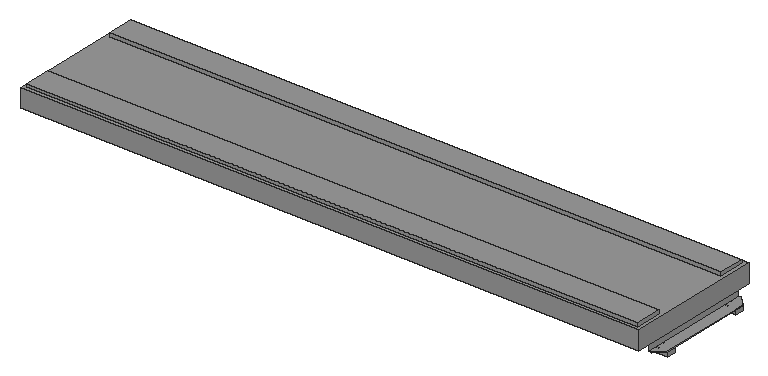
Revit family "44061", category Lighting Fixtures, host Face, Revit 2018
Family settings
  Host = Face
  Round Connector Dimension = Use Diameter
  Part Type = Normal
  OmniClass Number = 23.80.70.00
  OmniClass Title = Lighting
  Cut with Voids When Loaded = No
  Light Source = Yes
  Shared = No
  Room Calculation Point = No
Parameters (values of type "0044061 SPORTSBAY DALI 18KLM 840")
  box length = 1160 mm
  Width = 320 mm
  Weight = "n/a"
  Wattage Comments = ""
  Wattage = 9.2903 W
  WarrantyStartDate [instance] = "n/a"
  WarrantyGuarantorParts = "n/a"
  WarrantyDurationUnit = "n/a"
  WarrantyDurationParts = ""
  WarrantyDescription = "http://www.sylvania-lighting.com"
  built-in parameter 1150110 = 1 (stored number, unit not read)
  Voltage = 0 V
  URL = "0.99"
  TypeName = "Sportsbay Dali 18klm 840"
  Type Image = <None>
  Type Comments = "n/a"
  built-in parameter 1114217 = 1 (stored number, unit not read)
  Tilt Angle = -90.00°
  built-in parameter 1150109 = 1 (stored number, unit not read)
  built-in parameter 1150134 = 3
  built-in parameter 1150113 = 1 (stored number, unit not read)
  SerialNumber [instance] = "n/a"
  Photometric Web File = "0044061.IES"
  Material_3_SYL = none
  PowerFactor = 0
  PowerConsumption = "Lighting"
  NominalLength = 320 mm
  NominalHeight = 76 mm
  NominalDepth = 320 mm
  Name = "Sportsbay Dali 18klm 840"
  ModelReference = Name  # "Sportsbay Dali 18klm 840"
  ModelNumber = "0044061"
  Model = Name  # "Sportsbay Dali 18klm 840"
  Material = "Feilo Sylvania"
  ManufacturerName = "156 lm/W"
  Manufacturer = ""
  LuminousEfficacy = ""
  built-in parameter 1150105 = 109.82 (stored number, unit not read)
  Lumens = 1380 lm
  LuminaireType = "0"
  built-in parameter 1150115 = 1 (stored number, unit not read)
  LightOutputRatio = "LED"
  built-in parameter 1150137 = (empty or 0)
  built-in parameter 1150139 = (empty or 0)
  Length = 1500 mm
  LampsType = Lamp  # "n/a"
  LampNominalLuminous = "4000 K"
  LampMacAdamStep = "80"
  LampColourTemperature = "LED"
  LampColourRenderingIndex = "16500"
  built-in parameter 1150112 = 1 (stored number, unit not read)
  built-in parameter 1150114 = 1 (stored number, unit not read)
  Lamp = "n/a"
  Keynote = "n/a"
  InstallationDate [instance] = "n/a"
  InputVoltage = "0"
  InputNominalFrequency = "4000"
  built-in parameter 1150132 = (empty or 0)
  built-in parameter 1150102 = (empty or 0)
  built-in parameter 1150107 = 3200 (stored number, unit not read)
  built-in parameter 1150138 = (empty or 0)
  IngressProtection = "IfcLightFixtureType"
  ImpactProtectionIndex = "IfcLightFixtureType"
  built-in parameter 1150106 = 1.0982 (stored number, unit not read)
  IfcExportType = "IfcLightFixtureType"
  IfcExportAs = "Class I"
  Height = 76 mm
  Emit from Circle Diameter = 609.6 mm
  Emit Shape Visible in Rendering = no
  ElectricShockClassification = "156"
  built-in parameter 1150104 = 13.8 (stored number, unit not read)
  DocumentationLiterature = "http://www.sylvania-lighting.com/product/en-int/products/0044061"
  DimmingControlOptions = "n/a"
  Material_2_SYL = none
  Dimming Lamp Color Temperature Shift = <None>
  Description = ""
  Default Elevation = 1219.2 mm
  CreatedOn = "26/09/2023"
  CreatedBy = "@sylvania-lighting.com"
  Cost = 0
  Color Filter = 16777215
  built-in parameter 1114216 [instance] = (empty or 0)
  ClassificationValue = "EF_70_80"
  ClassificationName = "Uniclass2015"
  Material_1_SYL = none
  BarCode [instance] = "n/a"
  built-in parameter 1114218 = 1 (stored number, unit not read)
  built-in parameter 1150133 = 10 (stored number, unit not read)
  AssetType = "Fixed"
  AssetIdentifier [instance] = "n/a"
  Assembly Code = "D5020200"
  Apparent Load = 118 VA
  Material_4_SYL = none
Reference planes
  plane 1 "Center (Front/Back)": y = 0
  plane 2: z = 0
  plane 3 "Center (Left/Right)": x = 0
  plane 4: x = -750
  plane 5: x = 750
  plane 6: y = 160
  plane 7: y = -160
  plane 8: z = 76
  plane 9: z = 1
  plane 10: y = 130
  plane 11: y = -130
  plane 12: y = 110
  plane 13: y = -110
  plane 14: z = 11
  plane 15: z = 68
  plane 16: z = 25
  plane 17: y = 90
  plane 18: y = 151
  plane 19: y = 90
  plane 20: x = -720
  plane 21: x = -728.997
  plane 22: x = -721
  plane 23: x = -712
  plane 24: x = -748.5
  plane 25: x = -723.5
  plane 26: x = 712
Forms (mm)
  Extrusion 1, solid, material "Aluminum", detail levels medium+fine
    sketch origin (0, 0, 0) x (1, 0, 0) y (0, 1, 0)
      loop
        line (-740.875, 130) -> (-750, 121.311) -> (-750, -110) -> (-728.997, -130) -> (-720, -130) -> (-720, 130) -> (-740.875, 130)
    from 11 to 12
  Extrusion 2, solid, material "Aluminum", detail levels medium+fine
    sketch origin (0, 0, 0) x (1, 0, 0) y (0, 1, 0)
      loop
        line (-720, 130) -> (-721, 130) -> (-721, -130) -> (-720, -130) -> (-720, 130)
    from 11 to 25
  Extrusion 3, solid, material "Aluminum", detail levels medium+fine
    sketch origin (1524, -324.9, 1219.2) x (1, 0, 0) y (0, 0, 1)
      loop
        line (-803, -1151.2) -> (-2245, -1151.2) -> (-2245, -1194.2) -> (-803, -1194.2) -> (-803, -1151.2)
    from -484.9 to -164.9
  Extrusion 4, solid, material "Aluminum", detail levels medium+fine
    sketch origin (0, 0, 0) x (1, 0, 0) y (0, 1, 0)
      loop
        line (-748.5, 110) -> (-748.5, 90) -> (-723.5, 90) -> (-723.5, 110) -> (-748.5, 110)
    from 0 to 11
  Extrusion 5, solid, material "Aluminum", detail levels medium+fine
    sketch origin (0, 0, 0) x (1, 0, 0) y (0, 1, 0)
      loop
        line (-748.5, -110) -> (-723.5, -110) -> (-723.5, -90) -> (-748.5, -90) -> (-748.5, -110)
    from 0 to 11
  Extrusion 6, solid, material "Glass, White, High Luminance", detail levels fine
    sketch origin (0, 0, 0) x (1, 0, 0) y (0, 1, 0)
      loop
        line (-712, 151) -> (-712, 90) -> (712, 90) -> (712, 151) -> (-712, 151)
    from 68 to 76
  Extrusion 7, solid, material "Glass, White, High Luminance", detail levels fine
    sketch origin (0, 0, 0) x (1, 0, 0) y (0, 1, 0)
      loop
        line (-712, -151) -> (712, -151) -> (712, -90) -> (-712, -90) -> (-712, -151)
    from 68 to 76
  Extrusion 8, solid, detail levels coarse
    sketch origin (0, 0, 0) x (1, 0, 0) y (0, 1, 0)
      loop
        line (-750, 160) -> (-750, -160) -> (750, -160) -> (750, 160) -> (-750, 160)
    from 0 to 76
  Extrusion 9, solid, material "Aluminum", detail levels medium+fine
    sketch origin (0, 0, 0) x (-1, 0, 0) y (0, -1, 0)
      loop
        line (-726.38, -130) -> (-720, -130) -> (-720, 130) -> (-728.997, 130) -> (-750, 110) -> (-750, -107.508) -> (-726.38, -130)
    from 11 to 12
  Extrusion 10, solid, material "Aluminum", detail levels coarse
    sketch origin (-1524, -324.9, 1219.2) x (-1, 0, 0) y (0, 0, -1)
      loop
        line (-774, 1143.2) -> (-774, 1219.2) -> (-2274, 1219.2) -> (-2274, 1143.2) -> (-774, 1143.2)
    from -484.9 to -164.9
  Extrusion 11, solid, material "Aluminum", detail levels medium+fine
    sketch origin (0, 0, 0) x (-1, 0, 0) y (0, -1, 0)
      loop
        line (-748.5, -110) -> (-723.5, -110) -> (-723.5, -90) -> (-748.5, -90) -> (-748.5, -110)
    from 0 to 11
  Extrusion 12, solid, material "Aluminum", detail levels medium+fine
    sketch origin (0, 0, 0) x (-1, 0, 0) y (0, -1, 0)
      loop
        line (-748.5, 110) -> (-748.5, 90) -> (-723.5, 90) -> (-723.5, 110) -> (-748.5, 110)
    from 0 to 11
  Extrusion 13, solid, material "Aluminum", detail levels medium+fine
    sketch origin (0, 0, 0) x (-1, 0, 0) y (0, -1, 0)
      loop
        line (-720, -130) -> (-720, 130) -> (-721, 130) -> (-721, -130) -> (-720, -130)
    from 11 to 25
Dimensions and locks
  equal spacing: plane 4, plane 3 "Center (Left/Right)", plane 5
  equal spacing: plane 6, plane 1 "Center (Front/Back)", plane 7
  "Length": plane 4 to plane 5
  "Width": plane 6 to plane 7
  "Height": plane 8 to level
  aligned and locked: plane 2 to host face
  aligned and locked: level to host face
Automatic sketch dimensions
  host sketch curve to host sketch curve = 2438.4 mm  (x2)
  Extrusion 1 sketch curve to plane 4 = 0 mm
  Extrusion 1 sketch curve to plane 11 = 0 mm
  Extrusion 1 sketch curve to plane 21 = 0 mm
  Extrusion 1 sketch curve to plane 10 = 0 mm
  Extrusion 1 sketch curve to plane 20 = 0 mm
  Extrusion 1 sketch curve to plane 13 = 0 mm
  plane 21 to Extrusion 1 sketch curve = 11.878 mm
  plane 12 to Extrusion 1 sketch curve = 11.311 mm
  Extrusion 2 sketch curve to plane 10 = 0 mm
  Extrusion 2 sketch curve to plane 22 = 0 mm
  Extrusion 2 sketch curve to plane 11 = 0 mm
  Extrusion 2 sketch curve to plane 20 = 0 mm
  Extrusion 4 sketch curve to plane 17 = 0 mm
  Extrusion 4 sketch curve to plane 24 = 0 mm
  Extrusion 4 sketch curve to plane 25 = 0 mm
  Extrusion 4 sketch curve to plane 12 = 0 mm
  Extrusion 5 sketch curve to plane 24 = 0 mm
  Extrusion 5 sketch curve to plane 25 = 0 mm
  Extrusion 5 sketch curve to plane 13 = 0 mm
  Extrusion 5 sketch curve to plane 13 = 20 mm
  Extrusion 6 sketch curve to plane 17 = 0 mm
  Extrusion 6 sketch curve to plane 23 = 0 mm
  Extrusion 6 sketch curve to plane 26 = 0 mm
  Extrusion 6 sketch curve to plane 18 = 0 mm
  Extrusion 7 sketch curve to plane 26 = 0 mm
  Extrusion 7 sketch curve to plane 7 = 9 mm
  Extrusion 7 sketch curve to plane 23 = 0 mm
  Extrusion 7 sketch curve to plane 13 = 20 mm
  Extrusion 8 sketch curve to plane 4 = 0 mm
  Extrusion 8 sketch curve to plane 5 = 0 mm
  Extrusion 8 sketch curve to plane 7 = 0 mm
  Extrusion 8 sketch curve to plane 6 = 0 mm
  Extrusion 9 sketch curve to plane 5 = 0 mm
  Extrusion 9 sketch curve to plane 11 = 0 mm
  Extrusion 9 sketch curve to plane 10 = 0 mm
  plane 13 to Extrusion 9 sketch curve = 0 mm
  Extrusion 9 sketch curve to plane 26 = 16.997 mm
  Extrusion 9 sketch curve to plane 26 = 14.38 mm
  Extrusion 9 sketch curve to Extrusion 9 sketch curve = 6.38 mm
  plane 12 to Extrusion 9 sketch curve = 2.492 mm
  Extrusion 10 sketch curve to plane 5 = 0 mm
  Extrusion 10 sketch curve to level = 0 mm
  Extrusion 10 sketch curve to plane 4 = 0 mm
  Extrusion 10 sketch curve to plane 8 = 0 mm
  plane 17 to Extrusion 11 sketch curve = 0 mm
  plane 12 to Extrusion 11 sketch curve = 0 mm
  plane 5 to Extrusion 11 sketch curve = 1.5 mm
  Extrusion 11 sketch curve to plane 26 = 11.5 mm
  plane 13 to Extrusion 12 sketch curve = 0 mm
  Extrusion 12 sketch curve to plane 5 = 1.5 mm
  plane 26 to Extrusion 12 sketch curve = 11.5 mm
  Extrusion 12 sketch curve to Extrusion 12 sketch curve = 20 mm
  Extrusion 13 sketch curve to plane 10 = 0 mm
  Extrusion 13 sketch curve to plane 11 = 0 mm
  Extrusion 13 sketch curve to plane 26 = 9 mm
  Extrusion 13 sketch curve to Extrusion 13 sketch curve = 1 mm
  Extrusion 3 sketch curve to plane 22 = 0 mm
  Extrusion 3 sketch curve to plane 16 = 0 mm
  Extrusion 3 sketch curve to plane 15 = 0 mm
  plane 26 to Extrusion 3 sketch curve = 9 mm
Connectors
  electrical at (0, 0, 0), driven by "Apparent Load", driven by "PowerFactor", driven by "Voltage"
    settings: index 1, voltage 0 V, apparent load 118 VA, apparent load phase1 0 VA, apparent load phase2 0 VA, apparent load phase3 0 VA, power factor 0, load classification "Lighting", number of poles 1, system type 30, power factor state 1, is connector primary yes, connector utility no, sub classification motor no, connector description ""
